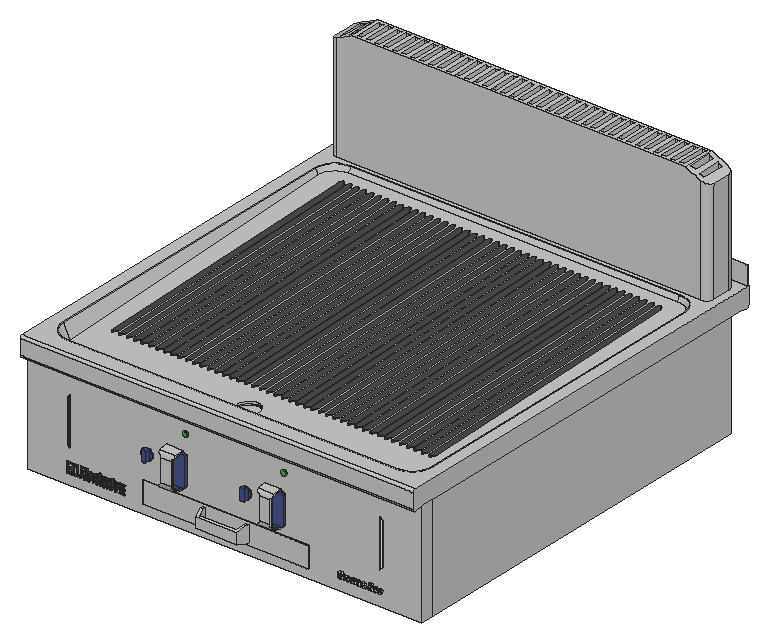
Revit family "QF_ELECTROLUXPROFESSIONAL_588537_MBHNBBHOPO", category Attrezzature speciali, Revit 2020
Family settings
  Quota connettore circolare = Usa diametro
  Tipo di parte = Normale
  Basato su piano di lavoro = No
  Sempre verticale = Sì
  Taglio con vuoti quando caricato = No
  Condiviso = No
  Punto di calcolo locali = No
Parameters (values of type "Standard")
  Weight = 120.00 kg
  Watts = 0 W
  Volts = 0 V
  URL Manufacturer = "https://www.electroluxprofessional.com/"
  URL = "https://www.electroluxprofessional.com/"
  Steam Supply Size = 0"
  Steam Supply Minimum Pressure = 0.00 psi
  Steam Supply Maximum Pressure = 0.00 psi
  Steam Consumption per Hour = 0
  Refrigeration Suction Line Size = 0 mm
  Refrigeration Liquid Line Size = 0 mm
  Refrigerant Compressor Remote = yes
  Prospetto di default = 0 mm
  Phase = 0
  Modello = "MBHNBBHOPO"
  Produttore = "Electrolux Professional"
  Length Actual = 800 mm  # constant formula
  Item Number = "588537"
  Hot Water Size = 0"
  Height Actual = 250 mm  # constant formula
  HP = "0 HP"
  Gas Size = 1/2"
  Gas KW = 20
  Gas Input Pressure = 0.672036 Btu/h
  Direct Waste Size = 0"
  Descrizione = "GAS FRYTOP,RIBBED,1-S,BSPL,800X850X250H"
  Depth Actual = 850 mm  # constant formula
  Cycle = 0 Hz
  Condensate Return Size = 0"
  Compressed Air Volume = 0 GPM
  Compressed Air Size = 0"
  Compressed Air Pressure = 0.00 psi
  Cold Water Size = 0"
  Accessory = yes
Reference planes
  plane 1 "BACK": y = 0
  plane 2: z = 0
  plane 3 "LEFT": x = 0
  plane 4 "RIGHT": x = 800
  plane 5 "FRONT": y = -850
  plane 6 "TOP": z = 900
  plane 7 "Center (Left/Right)": x = 400
  plane 8: y = -425
  plane 9: y = -150
  plane 10: y = -65
  plane 11: y = -813
  plane 12 "GasY": y = -540
  plane 13: z = 938
  plane 14 "BaseTop": z = 650
  plane 15: y = -805
  plane 16 "Camino": y = -50
  plane 17: z = 1131
  plane 18 "GASx": x = 764
  plane 19 "PlaneRibbed": through (-6096, -91.999, 890) normal (0, -0.0262, 0.9997)
Forms (mm)
  Extrusion 1, solid, material "QF_Finishes_Stainless Steel"
    sketch origin (-178.969, -4572, 100) x (-1, 0, 0) y (0, -1, 0)
      loop
        line (-178.969, -4527) -> (-178.969, -3767) -> (-978.969, -3767) -> (-978.969, -4527) -> (-178.969, -4527)
    from 550 to 762.969
  Extrusion 2, solid, material "QF_Finishes_Stainless Steel"
    sketch origin (400, 296.4, 1219.2) x (0, 1, 0) y (0, 0, 1)
      loop
        line (-296.4, -319.2) -> (-1141.4, -319.2)
        arc (-1141.4, -319.2) -> (-1144.935, -320.664) -> (-1146.4, -324.2) r 5
        line (-1146.4, -324.2) -> (-1146.4, -355.2)
        arc (-1146.4, -355.2) -> (-1144.971, -358.264) -> (-1141.705, -359.139) r 4
        line (-1141.705, -359.139) -> (-1126.4, -356.231) -> (-316.4, -356.231) -> (-301.094, -359.139)
        arc (-301.094, -359.139) -> (-297.829, -358.264) -> (-296.4, -355.2) r 4
        line (-296.4, -355.2) -> (-296.4, -319.2)
    from -400 to 400
  Extrusion 3, void
    sketch origin (0, 0, 900) x (-1, 0, 0) y (0, -1, 0)
      loop
        arc (-65, 92) -> (-36.716, 103.716) -> (-25, 132) r 40
        line (-25, 132) -> (-25, 773)
        arc (-25, 773) -> (-36.716, 801.284) -> (-65, 813) r 40
        line (-65, 813) -> (-735, 813)
        arc (-735, 813) -> (-763.284, 801.284) -> (-775, 773) r 40
        line (-775, 773) -> (-775, 132)
        arc (-775, 132) -> (-763.284, 103.716) -> (-735, 92) r 40
        line (-735, 92) -> (-65, 92)
    from 0 to -30
  Extrusion 4, solid, material "QF_Finishes_Stainless Steel"
    sketch origin (400, 296.4, 1219.2) x (0, 1, 0) y (0, 0, 1)
      loop
        line (-296.4, -319.2) -> (-296.4, -281.2) -> (-298.4, -281.2) -> (-298.4, -319.2) -> (-296.4, -319.2)
    from 400 to -400
  Extrusion 5, solid, material "QF_Finishes_Stainless Steel"
    sketch origin (9, 0, 650) x (-1, 0, 0) y (0, -1, 0)
      loop
        circle (-755, 540) r 10.1
    from 0 to -10
  Sweep 6, solid, material "QF_Finishes_Stainless Steel"
    path origin (0, 0, 900) x (-1, 0, 0) y (0, -1, 0)
      loop
        line (-25, 132) -> (-25, 773)
        arc (-25, 773) -> (-36.716, 801.284) -> (-65, 813) r 40
        line (-65, 813) -> (-735, 813)
        arc (-735, 813) -> (-763.284, 801.284) -> (-775, 773) r 40
        line (-775, 773) -> (-775, 132)
        arc (-775, 132) -> (-763.284, 103.716) -> (-735, 92) r 40
        line (-735, 92) -> (-65, 92)
        arc (-65, 92) -> (-36.716, 103.716) -> (-25, 132) r 40
    profile origin (25, -452.5, 900) x (1, 0, 0) y (0, 0, 1)
      loop
        line (0, 0) -> (0, -30) -> (15, -30) -> (0, 0)
  Extrusion 7, void
    sketch origin (305.009, 0, 900) x (-1, 0, 0) y (0, -1, 0)
      loop
        circle (-94.991, 769) r 22.248
    from -32.282 to -6.62
  Extrusion 8, solid, material "QF_Finishes_Stainless Steel"
    sketch origin (0, -50, 900) x (1, 0, 0) y (0, 0, 1)
      loop
        line (15, 0) -> (785, 0) -> (785, 209.869) -> (739.685, 231) -> (60.315, 231) -> (15, 209.869) -> (15, 0)
    from 33 to -33
  Extrusion 9, void
    sketch origin (0, 0, 900) x (-1, 0, 0) y (0, -1, 0)
      loop
        line (-15, 83) -> (-30, 83)
        arc (-30, 83) -> (-19.393, 78.607) -> (-15, 68) r 15
        line (-15, 68) -> (-15, 83)
      loop
        line (-15, 17) -> (-15, 32)
        arc (-15, 32) -> (-19.393, 21.393) -> (-30, 17) r 15
        line (-30, 17) -> (-15, 17)
      loop
        line (-785, 83) -> (-785, 68)
        arc (-785, 68) -> (-780.607, 78.607) -> (-770, 83) r 15
        line (-770, 83) -> (-785, 83)
      loop
        line (-785, 17) -> (-770, 17)
        arc (-770, 17) -> (-780.607, 21.393) -> (-785, 32) r 15
        line (-785, 32) -> (-785, 17)
      loop
        line (-413.234, 23) -> (-413.234, 77) -> (-423.234, 77) -> (-423.234, 23) -> (-413.234, 23)
      loop
        line (-395, 23) -> (-395, 77) -> (-405, 77) -> (-405, 23) -> (-395, 23)
      loop
        line (-431.469, 23) -> (-431.469, 77) -> (-441.469, 77) -> (-441.469, 23) -> (-431.469, 23)
      loop
        line (-449.703, 23) -> (-449.703, 77) -> (-459.703, 77) -> (-459.703, 23) -> (-449.703, 23)
      loop
        line (-467.938, 23) -> (-467.938, 77) -> (-477.938, 77) -> (-477.938, 23) -> (-467.938, 23)
      loop
        line (-486.172, 23) -> (-486.172, 77) -> (-496.172, 77) -> (-496.172, 23) -> (-486.172, 23)
      loop
        line (-504.406, 23) -> (-504.406, 77) -> (-514.406, 77) -> (-514.406, 23) -> (-504.406, 23)
      loop
        line (-522.641, 23) -> (-522.641, 77) -> (-532.641, 77) -> (-532.641, 23) -> (-522.641, 23)
      loop
        line (-540.875, 23) -> (-540.875, 77) -> (-550.875, 77) -> (-550.875, 23) -> (-540.875, 23)
      loop
        line (-559.109, 23) -> (-559.109, 77) -> (-569.109, 77) -> (-569.109, 23) -> (-559.109, 23)
      loop
        line (-577.344, 23) -> (-577.344, 77) -> (-587.344, 77) -> (-587.344, 23) -> (-577.344, 23)
      loop
        line (-595.578, 23) -> (-595.578, 77) -> (-605.578, 77) -> (-605.578, 23) -> (-595.578, 23)
      loop
        line (-613.813, 23) -> (-613.813, 77) -> (-623.813, 77) -> (-623.813, 23) -> (-613.813, 23)
      loop
        line (-632.047, 23) -> (-632.047, 77) -> (-642.047, 77) -> (-642.047, 23) -> (-632.047, 23)
      loop
        line (-650.281, 23) -> (-650.281, 77) -> (-660.281, 77) -> (-660.281, 23) -> (-650.281, 23)
      loop
        line (-668.516, 23) -> (-668.516, 77) -> (-678.516, 77) -> (-678.516, 23) -> (-668.516, 23)
      loop
        line (-686.75, 23) -> (-686.75, 77) -> (-696.75, 77) -> (-696.75, 23) -> (-686.75, 23)
      loop
        line (-704.985, 23) -> (-704.985, 77) -> (-714.985, 77) -> (-714.985, 23) -> (-704.985, 23)
      loop
        line (-723.219, 23) -> (-723.219, 77) -> (-733.219, 77) -> (-733.219, 23) -> (-723.219, 23)
      loop
        line (-741.453, 26) -> (-741.453, 74) -> (-751.453, 74) -> (-751.453, 26) -> (-741.453, 26)
      loop
        line (-759.688, 26) -> (-759.688, 74) -> (-769.688, 74) -> (-769.688, 26) -> (-759.688, 26)
      loop
        line (-386.766, 23) -> (-376.766, 23) -> (-376.766, 77) -> (-386.766, 77) -> (-386.766, 23)
      loop
        line (-368.531, 23) -> (-358.531, 23) -> (-358.531, 77) -> (-368.531, 77) -> (-368.531, 23)
      loop
        line (-350.297, 23) -> (-340.297, 23) -> (-340.297, 77) -> (-350.297, 77) -> (-350.297, 23)
      loop
        line (-332.062, 23) -> (-322.062, 23) -> (-322.062, 77) -> (-332.062, 77) -> (-332.062, 23)
      loop
        line (-313.828, 23) -> (-303.828, 23) -> (-303.828, 77) -> (-313.828, 77) -> (-313.828, 23)
      loop
        line (-295.594, 23) -> (-285.594, 23) -> (-285.594, 77) -> (-295.594, 77) -> (-295.594, 23)
      loop
        line (-277.359, 23) -> (-267.359, 23) -> (-267.359, 77) -> (-277.359, 77) -> (-277.359, 23)
      loop
        line (-259.125, 23) -> (-249.125, 23) -> (-249.125, 77) -> (-259.125, 77) -> (-259.125, 23)
      loop
        line (-240.891, 23) -> (-230.891, 23) -> (-230.891, 77) -> (-240.891, 77) -> (-240.891, 23)
      loop
        line (-222.656, 23) -> (-212.656, 23) -> (-212.656, 77) -> (-222.656, 77) -> (-222.656, 23)
      loop
        line (-204.422, 23) -> (-194.422, 23) -> (-194.422, 77) -> (-204.422, 77) -> (-204.422, 23)
      loop
        line (-186.187, 23) -> (-176.187, 23) -> (-176.187, 77) -> (-186.187, 77) -> (-186.187, 23)
      loop
        line (-167.953, 23) -> (-157.953, 23) -> (-157.953, 77) -> (-167.953, 77) -> (-167.953, 23)
      loop
        line (-149.719, 23) -> (-139.719, 23) -> (-139.719, 77) -> (-149.719, 77) -> (-149.719, 23)
      loop
        line (-131.484, 23) -> (-121.484, 23) -> (-121.484, 77) -> (-131.484, 77) -> (-131.484, 23)
      loop
        line (-113.25, 23) -> (-103.25, 23) -> (-103.25, 77) -> (-113.25, 77) -> (-113.25, 23)
      loop
        line (-95.015, 23) -> (-85.015, 23) -> (-85.015, 77) -> (-95.015, 77) -> (-95.015, 23)
      loop
        line (-76.781, 23) -> (-66.781, 23) -> (-66.781, 77) -> (-76.781, 77) -> (-76.781, 23)
      loop
        line (-58.547, 26) -> (-48.547, 26) -> (-48.547, 74) -> (-58.547, 74) -> (-58.547, 26)
      loop
        line (-40.312, 26) -> (-30.312, 26) -> (-30.312, 74) -> (-40.312, 74) -> (-40.312, 26)
    from 231 to 0
  Extrusion 10, solid, material "QF_Finishes_Stainless Steel"
    sketch origin (400, 296.4, 1219.2) x (0, 1, 0) y (0, 0, 1)
      loop
        line (-1109.4, -349.2) -> (-388.4, -349.2) -> (-388.4, -329.2) -> (-1109.4, -347.5) -> (-1109.4, -349.2)
    from -375 to 375
  Extrusion 11, void
    sketch origin (305.009, 0, 900) x (-1, 0, 0) y (0, -1, 0)
      loop
        circle (-94.991, 769) r 22.248
    from -32.282 to -6.62
Cuts and joins
  Extrusion 3, Extrusion 7, Extrusion 9, Extrusion 11 cuts Extrusion 2
  Extrusion 9 cuts Extrusion 8
  Extrusion 11 cuts Sweep 6
  Extrusion 11 cuts Extrusion 10
  joined: Sweep 6, Extrusion 10
Lines and regions (mm)
  symbolic lines
    curve 1: line (0, 0, 100) -> (800, 0, 100)
    curve 2: line (0, -850, 100) -> (0, 0, 100)
    curve 3: line (800, -850, 100) -> (0, -850, 100)
    curve 4: line (800, 0, 100) -> (800, -850, 100)
    curve 5: line (0, -2, 0) -> (800, -2, 0)
    curve 6: line (734.029, -92, 0) -> (65.29, -92, 0)
    curve 7: line (65.29, -813, 0) -> (734.029, -813, 0)
    curve 8: line (65, -107, 900) -> (735, -107, 900)
    curve 9: line (735, -798, 900) -> (65, -798, 900)
    curve 10: arc (760, -773, 900) -> (752.678, -790.678, 900) -> (735, -798, 900) r 25
    curve 11: line (760, -132, 900) -> (760, -773, 900)
    curve 12: arc (735, -107, 900) -> (752.678, -114.322, 900) -> (760, -132, 900) r 25
    curve 13: circle (400, -769, 900) r 22.248 normal (0, 0, 1)
    curve 14: arc (90.5, -112.483, 900) -> (62.314, -124.096, 900) -> (50.5, -152.198, 900) r 39.994
    curve 15: line (90.5, -112.482, 900) -> (710.5, -112.482, 900)
    curve 16: line (50.5, -686.082, 900) -> (50.5, -152.198, 900)
    curve 17: arc (50.5, -686.082, 900) -> (62.314, -714.184, 900) -> (90.5, -725.797, 900) r 39.994
    curve 18: line (710.5, -725.798, 900) -> (90.5, -725.798, 900)
    curve 19: line (40.29, -731.526, 900) -> (760, -731.526, 900)
    curve 20: line (40.29, -741.526, 900) -> (760, -741.526, 900)
    curve 21: arc (65, -92, 900) -> (36.716, -103.716, 900) -> (25, -132, 900) r 40
    curve 22: line (25, -132, 900) -> (25, -773, 900)
    curve 23: arc (25, -773, 900) -> (36.716, -801.284, 900) -> (65, -813, 900) r 40
    curve 24: arc (735, -813, 900) -> (763.284, -801.284, 900) -> (775, -773, 900) r 40
    curve 25: line (775, -773, 900) -> (775, -132, 900)
    curve 26: arc (775, -132, 900) -> (763.284, -103.716, 900) -> (735, -92, 900) r 40
    curve 27: arc (709.5, -112.483, 900) -> (737.686, -124.096, 900) -> (749.5, -152.198, 900) r 39.994
    curve 28: line (749.5, -686.082, 900) -> (749.5, -152.198, 900)
    curve 29: arc (749.5, -686.082, 900) -> (737.686, -714.184, 900) -> (709.5, -725.797, 900) r 39.994
    curve 30: arc (65, -798, 900) -> (47.322, -790.678, 900) -> (40, -773, 900) r 25
    curve 31: line (40, -773, 900) -> (40, -132, 900)
    curve 32: arc (40, -132, 900) -> (47.322, -114.322, 900) -> (65, -107, 900) r 25
    curve 33: line (30, -83, 650) -> (770, -83, 650)
    curve 34: line (770, -17, 650) -> (30, -17, 650)
    curve 35: arc (15, -32, 650) -> (19.393, -21.393, 650) -> (30, -17, 650) r 15
    curve 36: line (15, -32, 650) -> (15, -68, 650)
    curve 37: arc (30, -83, 650) -> (19.393, -78.607, 650) -> (15, -68, 650) r 15
    curve 38: arc (785, -68, 650) -> (780.607, -78.607, 650) -> (770, -83, 650) r 15
    curve 39: line (785, -68, 650) -> (785, -32, 650)
    curve 40: arc (770, -17, 650) -> (780.607, -21.393, 650) -> (785, -32, 650) r 15
    curve 41: line (30.312, -26, 650) -> (30.312, -74, 650)
    curve 42: line (40.312, -26, 650) -> (30.312, -26, 650)
    curve 43: line (30.312, -74, 650) -> (40.312, -74, 650)
    curve 44: line (40.312, -74, 650) -> (40.312, -26, 650)
    curve 45: line (48.547, -74, 650) -> (58.547, -74, 650)
    curve 46: line (48.547, -26, 650) -> (48.547, -74, 650)
    curve 47: line (58.547, -26, 650) -> (48.547, -26, 650)
    curve 48: line (58.547, -74, 650) -> (58.547, -26, 650)
    curve 49: line (66.781, -23, 650) -> (66.781, -77, 650)
    curve 50: line (66.781, -23, 650) -> (76.781, -23, 650)
    curve 51: line (76.781, -23, 650) -> (76.781, -77, 650)
    curve 52: line (76.781, -77, 650) -> (66.781, -77, 650)
    curve 53: line (85.015, -23, 650) -> (85.015, -77, 650)
    curve 54: line (85.015, -23, 650) -> (95.015, -23, 650)
    curve 55: line (95.015, -23, 650) -> (95.015, -77, 650)
    curve 56: line (95.015, -77, 650) -> (85.015, -77, 650)
    curve 57: line (103.25, -23, 650) -> (103.25, -77, 650)
    curve 58: line (103.25, -23, 650) -> (113.25, -23, 650)
    curve 59: line (113.25, -23, 650) -> (113.25, -77, 650)
    curve 60: line (113.25, -77, 650) -> (103.25, -77, 650)
    curve 61: line (121.484, -23, 650) -> (121.484, -77, 650)
    curve 62: line (121.484, -23, 650) -> (131.484, -23, 650)
    curve 63: line (131.484, -23, 650) -> (131.484, -77, 650)
    curve 64: line (131.484, -77, 650) -> (121.484, -77, 650)
    curve 65: line (139.719, -23, 650) -> (139.719, -77, 650)
    curve 66: line (139.719, -23, 650) -> (149.719, -23, 650)
    curve 67: line (149.719, -23, 650) -> (149.719, -77, 650)
    curve 68: line (149.719, -77, 650) -> (139.719, -77, 650)
    curve 69: line (157.953, -23, 650) -> (157.953, -77, 650)
    curve 70: line (157.953, -23, 650) -> (167.953, -23, 650)
    curve 71: line (167.953, -23, 650) -> (167.953, -77, 650)
    curve 72: line (167.953, -77, 650) -> (157.953, -77, 650)
    curve 73: line (176.187, -23, 650) -> (176.187, -77, 650)
    curve 74: line (176.187, -23, 650) -> (186.187, -23, 650)
    curve 75: line (186.187, -23, 650) -> (186.187, -77, 650)
    curve 76: line (186.187, -77, 650) -> (176.187, -77, 650)
    curve 77: line (194.422, -23, 650) -> (194.422, -77, 650)
    curve 78: line (194.422, -23, 650) -> (204.422, -23, 650)
    curve 79: line (204.422, -23, 650) -> (204.422, -77, 650)
    curve 80: line (204.422, -77, 650) -> (194.422, -77, 650)
    curve 81: line (212.656, -23, 650) -> (212.656, -77, 650)
    curve 82: line (212.656, -23, 650) -> (222.656, -23, 650)
    curve 83: line (222.656, -23, 650) -> (222.656, -77, 650)
    curve 84: line (222.656, -77, 650) -> (212.656, -77, 650)
    curve 85: line (230.891, -23, 650) -> (230.891, -77, 650)
    curve 86: line (230.891, -23, 650) -> (240.891, -23, 650)
    curve 87: line (240.891, -23, 650) -> (240.891, -77, 650)
    curve 88: line (240.891, -77, 650) -> (230.891, -77, 650)
    curve 89: line (249.125, -23, 650) -> (249.125, -77, 650)
    curve 90: line (249.125, -23, 650) -> (259.125, -23, 650)
    curve 91: line (259.125, -23, 650) -> (259.125, -77, 650)
    curve 92: line (259.125, -77, 650) -> (249.125, -77, 650)
    curve 93: line (267.359, -23, 650) -> (267.359, -77, 650)
    curve 94: line (267.359, -23, 650) -> (277.359, -23, 650)
    curve 95: line (277.359, -23, 650) -> (277.359, -77, 650)
    curve 96: line (277.359, -77, 650) -> (267.359, -77, 650)
    curve 97: line (285.594, -23, 650) -> (285.594, -77, 650)
    curve 98: line (285.594, -23, 650) -> (295.594, -23, 650)
    curve 99: line (295.594, -23, 650) -> (295.594, -77, 650)
    curve 100: line (295.594, -77, 650) -> (285.594, -77, 650)
    curve 101: line (303.828, -23, 650) -> (303.828, -77, 650)
    curve 102: line (303.828, -23, 650) -> (313.828, -23, 650)
    curve 103: line (313.828, -23, 650) -> (313.828, -77, 650)
    curve 104: line (313.828, -77, 650) -> (303.828, -77, 650)
    curve 105: line (322.062, -23, 650) -> (322.062, -77, 650)
    curve 106: line (322.062, -23, 650) -> (332.062, -23, 650)
    curve 107: line (332.062, -23, 650) -> (332.062, -77, 650)
    curve 108: line (332.062, -77, 650) -> (322.062, -77, 650)
    curve 109: line (340.297, -23, 650) -> (340.297, -77, 650)
    curve 110: line (340.297, -23, 650) -> (350.297, -23, 650)
    curve 111: line (350.297, -23, 650) -> (350.297, -77, 650)
    curve 112: line (350.297, -77, 650) -> (340.297, -77, 650)
    curve 113: line (358.531, -23, 650) -> (358.531, -77, 650)
    curve 114: line (358.531, -23, 650) -> (368.531, -23, 650)
    curve 115: line (368.531, -23, 650) -> (368.531, -77, 650)
    curve 116: line (368.531, -77, 650) -> (358.531, -77, 650)
    curve 117: line (376.766, -23, 650) -> (376.766, -77, 650)
    curve 118: line (376.766, -23, 650) -> (386.766, -23, 650)
    curve 119: line (386.766, -23, 650) -> (386.766, -77, 650)
    curve 120: line (386.766, -77, 650) -> (376.766, -77, 650)
    curve 121: line (395, -23, 650) -> (395, -77, 650)
    curve 122: line (395, -23, 650) -> (405, -23, 650)
    curve 123: line (405, -23, 650) -> (405, -77, 650)
    curve 124: line (405, -77, 650) -> (395, -77, 650)
    curve 125: line (413.234, -23, 650) -> (413.234, -77, 650)
    curve 126: line (413.234, -23, 650) -> (423.234, -23, 650)
    curve 127: line (423.234, -23, 650) -> (423.234, -77, 650)
    curve 128: line (423.234, -77, 650) -> (413.234, -77, 650)
    curve 129: line (431.469, -23, 650) -> (431.469, -77, 650)
    curve 130: line (431.469, -23, 650) -> (441.469, -23, 650)
    curve 131: line (441.469, -23, 650) -> (441.469, -77, 650)
    curve 132: line (441.469, -77, 650) -> (431.469, -77, 650)
    curve 133: line (449.703, -23, 650) -> (449.703, -77, 650)
    curve 134: line (449.703, -23, 650) -> (459.703, -23, 650)
    curve 135: line (459.703, -23, 650) -> (459.703, -77, 650)
    curve 136: line (459.703, -77, 650) -> (449.703, -77, 650)
    curve 137: line (467.938, -23, 650) -> (467.938, -77, 650)
    curve 138: line (467.938, -23, 650) -> (477.938, -23, 650)
    curve 139: line (477.938, -23, 650) -> (477.938, -77, 650)
    curve 140: line (477.938, -77, 650) -> (467.938, -77, 650)
    curve 141: line (486.172, -23, 650) -> (486.172, -77, 650)
    curve 142: line (486.172, -23, 650) -> (496.172, -23, 650)
    curve 143: line (496.172, -23, 650) -> (496.172, -77, 650)
    curve 144: line (496.172, -77, 650) -> (486.172, -77, 650)
    curve 145: line (504.406, -23, 650) -> (504.406, -77, 650)
    curve 146: line (504.406, -23, 650) -> (514.406, -23, 650)
    curve 147: line (514.406, -23, 650) -> (514.406, -77, 650)
    curve 148: line (514.406, -77, 650) -> (504.406, -77, 650)
    curve 149: line (522.641, -23, 650) -> (522.641, -77, 650)
    curve 150: line (522.641, -23, 650) -> (532.641, -23, 650)
    curve 151: line (532.641, -23, 650) -> (532.641, -77, 650)
    curve 152: line (532.641, -77, 650) -> (522.641, -77, 650)
    curve 153: line (540.875, -23, 650) -> (540.875, -77, 650)
    curve 154: line (540.875, -23, 650) -> (550.875, -23, 650)
    curve 155: line (550.875, -23, 650) -> (550.875, -77, 650)
    curve 156: line (550.875, -77, 650) -> (540.875, -77, 650)
    curve 157: line (559.109, -23, 650) -> (559.109, -77, 650)
    curve 158: line (559.109, -23, 650) -> (569.109, -23, 650)
    curve 159: line (569.109, -23, 650) -> (569.109, -77, 650)
    curve 160: line (569.109, -77, 650) -> (559.109, -77, 650)
    curve 161: line (577.344, -23, 650) -> (577.344, -77, 650)
    curve 162: line (577.344, -23, 650) -> (587.344, -23, 650)
    curve 163: line (587.344, -23, 650) -> (587.344, -77, 650)
    curve 164: line (587.344, -77, 650) -> (577.344, -77, 650)
    curve 165: line (595.578, -23, 650) -> (595.578, -77, 650)
    curve 166: line (595.578, -23, 650) -> (605.578, -23, 650)
    curve 167: line (605.578, -23, 650) -> (605.578, -77, 650)
    curve 168: line (605.578, -77, 650) -> (595.578, -77, 650)
    curve 169: line (613.813, -23, 650) -> (613.813, -77, 650)
    curve 170: line (613.813, -23, 650) -> (623.813, -23, 650)
    curve 171: line (623.813, -23, 650) -> (623.813, -77, 650)
    curve 172: line (623.813, -77, 650) -> (613.813, -77, 650)
    curve 173: line (632.047, -23, 650) -> (632.047, -77, 650)
    curve 174: line (632.047, -23, 650) -> (642.047, -23, 650)
    curve 175: line (642.047, -23, 650) -> (642.047, -77, 650)
    curve 176: line (642.047, -77, 650) -> (632.047, -77, 650)
    curve 177: line (650.281, -23, 650) -> (650.281, -77, 650)
    curve 178: line (650.281, -23, 650) -> (660.281, -23, 650)
    curve 179: line (660.281, -23, 650) -> (660.281, -77, 650)
    curve 180: line (660.281, -77, 650) -> (650.281, -77, 650)
    curve 181: line (668.516, -23, 650) -> (668.516, -77, 650)
    curve 182: line (668.516, -23, 650) -> (678.516, -23, 650)
    curve 183: line (678.516, -23, 650) -> (678.516, -77, 650)
    curve 184: line (678.516, -77, 650) -> (668.516, -77, 650)
    curve 185: line (686.75, -23, 650) -> (686.75, -77, 650)
    curve 186: line (686.75, -23, 650) -> (696.75, -23, 650)
    curve 187: line (696.75, -23, 650) -> (696.75, -77, 650)
    curve 188: line (696.75, -77, 650) -> (686.75, -77, 650)
    curve 189: line (704.985, -23, 650) -> (704.985, -77, 650)
    curve 190: line (704.985, -23, 650) -> (714.985, -23, 650)
    curve 191: line (714.985, -23, 650) -> (714.985, -77, 650)
    curve 192: line (714.985, -77, 650) -> (704.985, -77, 650)
    curve 193: line (723.219, -23, 650) -> (723.219, -77, 650)
    curve 194: line (723.219, -23, 650) -> (733.219, -23, 650)
    curve 195: line (733.219, -23, 650) -> (733.219, -77, 650)
    curve 196: line (733.219, -77, 650) -> (723.219, -77, 650)
    curve 197: line (741.453, -26, 650) -> (741.453, -74, 650)
    curve 198: line (741.453, -26, 650) -> (751.453, -26, 650)
    curve 199: line (751.453, -26, 650) -> (751.453, -74, 650)
    curve 200: line (751.453, -74, 650) -> (741.453, -74, 650)
    curve 201: line (759.688, -26, 650) -> (759.688, -74, 650)
    curve 202: line (759.688, -26, 650) -> (769.688, -26, 650)
    curve 203: line (769.688, -26, 650) -> (769.688, -74, 650)
    curve 204: line (769.688, -74, 650) -> (759.688, -74, 650)
Dimensions and locks
  plane 3 "LEFT" to plane 4 "RIGHT" = 800 mm
  locked: plane 5 "FRONT" to plane 1 "BACK" at 850
  plane 3 "LEFT" to plane 7 "Center (Left/Right)" to plane 4 "RIGHT" = 400 mm, 400 mm
  equal spacing: plane 5 "FRONT", plane 8, plane 1 "BACK"
  plane 6 "TOP" to level = 900 mm  (x2)
  plane 1 "BACK" to plane 9 = 150 mm
  plane 12 "GasY" to plane 1 "BACK" = 540 mm
  plane 13 to plane 6 "TOP" = 38 mm
  plane 10 to plane 1 "BACK" = 65 mm
  plane 5 "FRONT" to plane 11 = 37 mm
  locked: plane 6 "TOP" to plane 14 "BaseTop" at 250
  locked: plane 15 to plane 5 "FRONT" at 45
  plane 16 "Camino" to plane 1 "BACK" = 50 mm
  plane 17 to plane 6 "TOP" = 231 mm
  plane 18 "GASx" to plane 4 "RIGHT" = 36 mm
  aligned and locked: level to plane 2
  aligned and locked: cut or joined group of Extrusion 2, Extrusion 3, Extrusion 7, Extrusion 9, Extrusion 11 to plane 3 "LEFT"
  aligned and locked: cut or joined group of Extrusion 2, Extrusion 3, Extrusion 7, Extrusion 9, Extrusion 11 to plane 4 "RIGHT"
  aligned and locked: nested 1 to plane 15
  aligned and locked: Extrusion 1 to plane 15
  aligned and locked: Extrusion 4 to plane 3 "LEFT"
  aligned and locked: Extrusion 4 to plane 4 "RIGHT"
  aligned and locked: plane 3 "LEFT" to nested 1
Automatic sketch dimensions
  curve 5 to plane 3 "LEFT" = 0 mm
  plane 11 to curve 7 = 0 mm
  curve 5 to plane 4 "RIGHT" = 0 mm
  plane 10 to curve 6 = 27 mm
  plane 3 "LEFT" to curve 6 = 65.29 mm
  plane 3 "LEFT" to curve 7 = 65.29 mm
  plane 18 "GASx" to curve 6 = 29.971 mm
  plane 18 "GASx" to curve 7 = 29.971 mm
  plane 1 "BACK" to curve 5 = 2 mm
  Extrusion 1 sketch curve to plane 4 "RIGHT" = 0 mm
  Extrusion 1 sketch curve to plane 3 "LEFT" = 0 mm
  Extrusion 1 sketch curve to plane 15 = 0 mm
  Extrusion 1 sketch curve to plane 16 "Camino" = 5 mm
  plane 1 "BACK" to curve 1 = 0 mm
  curve 1 to plane 4 "RIGHT" = 0 mm
  curve 3 to plane 3 "LEFT" = 0 mm
  plane 5 "FRONT" to curve 3 = 0 mm
  Extrusion 2 sketch curve to plane 5 "FRONT" = 0 mm
  Extrusion 2 sketch curve to plane 6 "TOP" = 0 mm
  Extrusion 2 sketch curve to plane 1 "BACK" = 0 mm
  Extrusion 2 sketch curve to Extrusion 2 sketch curve = 4 mm
  Extrusion 2 sketch curve to Extrusion 2 sketch curve = 0.695 mm
  Extrusion 2 sketch curve to plane 5 "FRONT" = 5 mm
  Extrusion 2 sketch curve to Extrusion 2 sketch curve = 15.305 mm
  plane 1 "BACK" to Extrusion 2 sketch curve = 20 mm
  plane 1 "BACK" to Extrusion 2 sketch curve = 4.695 mm
  plane 1 "BACK" to Extrusion 2 sketch curve = 4 mm
  Extrusion 2 sketch curve to Extrusion 2 sketch curve = 31 mm
  Extrusion 2 sketch curve to Extrusion 2 sketch curve = 36 mm
  Extrusion 2 sketch curve to Extrusion 2 sketch curve = 2.909 mm
  plane 11 to Extrusion 3 sketch curve = 0 mm
  Extrusion 3 sketch curve to plane 18 "GASx" = 11 mm
  plane 18 "GASx" to Extrusion 3 sketch curve = 29 mm  (x2)
  plane 3 "LEFT" to Extrusion 3 sketch curve = 65 mm  (x2)
  plane 9 to Extrusion 3 sketch curve = 18 mm
  plane 3 "LEFT" to Extrusion 3 sketch curve = 25 mm
  curve 10 to curve 24 = 0 mm  (x2)
  curve 12 to curve 26 = 0 mm  (x2)
  curve 21 to curve 32 = 0 mm  (x2)
  curve 23 to curve 30 = 0 mm  (x2)
  plane 11 to curve 24 = 0 mm
  curve 13 to plane 7 "Center (Left/Right)" = 0 mm
  plane 11 to curve 23 = 0 mm
  curve 29 to plane 12 "GasY" = 145.803 mm
  plane 18 "GASx" to curve 29 = 54.493 mm
  curve 27 to plane 9 = 2.477 mm
  plane 18 "GASx" to curve 27 = 54.493 mm
  plane 9 to curve 12 = 18 mm
  plane 18 "GASx" to curve 12 = 29 mm
  plane 18 "GASx" to curve 24 = 29 mm
  curve 28 to plane 9 = 2.198 mm
  plane 18 "GASx" to curve 28 = 14.5 mm
  plane 18 "GASx" to curve 11 = 4 mm
  curve 25 to plane 18 "GASx" = 11 mm
  curve 17 to plane 12 "GasY" = 145.803 mm
  plane 3 "LEFT" to curve 17 = 90.493 mm
  curve 14 to plane 9 = 2.477 mm
  plane 3 "LEFT" to curve 14 = 90.493 mm
  curve 14 to curve 21 = 25.493 mm
  curve 23 to plane 11 = 40 mm
  plane 3 "LEFT" to curve 23 = 65 mm
  curve 17 to curve 16 = 39.993 mm
  curve 16 to plane 9 = 2.198 mm
  curve 16 to plane 12 "GasY" = 146.082 mm
  curve 28 to plane 12 "GasY" = 146.082 mm
  curve 13 to plane 11 = 44 mm
  curve 8 to curve 27 = 25.5 mm
  curve 29 to curve 29 = 0.007 mm
  curve 15 to curve 27 = 1 mm
  curve 18 to curve 29 = 1 mm
  curve 18 to curve 17 = 0.007 mm
  curve 15 to curve 8 = 25.5 mm
  curve 15 to curve 14 = 0 mm
  curve 18 to curve 17 = 0 mm
  curve 20 to curve 30 = 0.29 mm
  curve 19 to curve 20 = 0 mm
  curve 15 to curve 14 = 0.001 mm
  curve 29 to curve 18 = 0.001 mm
  curve 19 to curve 30 = 41.474 mm
  curve 19 to curve 20 = 10 mm
  Extrusion 4 sketch curve to plane 6 "TOP" = 0 mm
  Extrusion 4 sketch curve to plane 13 = 0 mm
  Extrusion 4 sketch curve to plane 1 "BACK" = 0 mm
  Extrusion 4 sketch curve to Extrusion 4 sketch curve = 2 mm
  Extrusion 5 sketch curve to plane 12 "GasY" = 0 mm
  Extrusion 5 sketch curve to plane 18 "GASx" = 0 mm
  plane 11 to Sweep 6 sketch curve = 0 mm
  Sweep 6 sketch curve to plane 18 "GASx" = 11 mm
  plane 18 "GASx" to Sweep 6 sketch curve = 29 mm  (x2)
  plane 3 "LEFT" to Sweep 6 sketch curve = 65 mm  (x2)
  plane 10 to Sweep 6 sketch curve = 27 mm
  plane 3 "LEFT" to Sweep 6 sketch curve = 25 mm
  profile plane to Sweep 6 sketch curve = 0 mm
  Sweep 6 sketch curve to plane 6 "TOP" = 0 mm
  Sweep 6 sketch curve to profile plane = 15 mm
  Sweep 6 sketch curve to plane 6 "TOP" = 30 mm
  Extrusion 7 sketch curve to plane 7 "Center (Left/Right)" = 0 mm
  Extrusion 7 sketch curve to plane 11 = 44 mm
  Extrusion 7 sketch curve to plane 7 "Center (Left/Right)" = 12.288 mm
  Extrusion 7 sketch curve to Extrusion 7 sketch curve = 0 mm
  Extrusion 7 sketch curve to Extrusion 7 sketch curve = 18.547 mm
  Extrusion 8 sketch curve to plane 6 "TOP" = 0 mm
  Extrusion 8 sketch curve to plane 17 = 0 mm
  plane 3 "LEFT" to Extrusion 8 sketch curve = 15 mm
  Extrusion 8 sketch curve to Extrusion 8 sketch curve = 45.315 mm
  plane 18 "GASx" to Extrusion 8 sketch curve = 24.315 mm
  plane 4 "RIGHT" to Extrusion 8 sketch curve = 15 mm
  Extrusion 8 sketch curve to plane 17 = 21.131 mm  (x2)
  plane 10 to Extrusion 9 sketch curve = 3 mm  (x2)
  plane 4 "RIGHT" to Extrusion 9 sketch curve = 15 mm  (x2)
  Extrusion 9 sketch curve to plane 18 "GASx" = 6 mm  (x2)
  Extrusion 9 sketch curve to plane 18 "GASx" = 5.688 mm
  plane 18 "GASx" to Extrusion 9 sketch curve = 4.312 mm
  Extrusion 9 sketch curve to Extrusion 9 sketch curve = 8.234 mm  (x39)
  Extrusion 9 sketch curve to Extrusion 9 sketch curve = 10 mm  (x39)
  plane 7 "Center (Left/Right)" to Extrusion 9 sketch curve = 5 mm
  Extrusion 9 sketch curve to plane 7 "Center (Left/Right)" = 5 mm
  Extrusion 9 sketch curve to Extrusion 9 sketch curve = 0.312 mm  (x2)
  Extrusion 9 sketch curve to Extrusion 9 sketch curve = 15 mm  (x2)
  Extrusion 9 sketch curve to plane 16 "Camino" = 18 mm  (x2)
  Extrusion 9 sketch curve to plane 16 "Camino" = 24 mm
  Extrusion 9 sketch curve to Extrusion 9 sketch curve = 6 mm  (x2)
  Extrusion 9 sketch curve to Extrusion 9 sketch curve = 0 mm  (x67)
  plane 1 "BACK" to Extrusion 9 sketch curve = 23 mm  (x2)
  Extrusion 9 sketch curve to Extrusion 9 sketch curve = 3 mm  (x3)
  plane 10 to Extrusion 9 sketch curve = 9 mm  (x3)
  plane 10 to Extrusion 9 sketch curve = 12 mm  (x4)
  plane 10 to curve 39 = 3 mm
  plane 4 "RIGHT" to curve 39 = 15 mm
  curve 34 to plane 18 "GASx" = 6 mm
  curve 33 to plane 18 "GASx" = 6 mm
  curve 203 to plane 18 "GASx" = 5.688 mm
  plane 18 "GASx" to curve 202 = 4.312 mm
  curve 201 to curve 198 = 8.234 mm
  curve 198 to curve 198 = 10 mm
  curve 197 to curve 194 = 8.234 mm
  curve 195 to curve 196 = 10 mm
  curve 193 to curve 192 = 8.234 mm
  curve 190 to curve 190 = 10 mm
  curve 189 to curve 186 = 8.234 mm
  curve 186 to curve 186 = 10 mm
  curve 185 to curve 182 = 8.234 mm
  curve 183 to curve 184 = 10 mm
  curve 181 to curve 180 = 8.234 mm
  curve 178 to curve 178 = 10 mm
  curve 177 to curve 174 = 8.234 mm
  curve 174 to curve 174 = 10 mm
  curve 173 to curve 170 = 8.234 mm
  curve 171 to curve 172 = 10 mm
  curve 169 to curve 168 = 8.234 mm
  curve 166 to curve 166 = 10 mm
  curve 165 to curve 162 = 8.234 mm
  curve 162 to curve 162 = 10 mm
  curve 161 to curve 158 = 8.234 mm
  curve 159 to curve 160 = 10 mm
  curve 157 to curve 156 = 8.234 mm
  curve 154 to curve 154 = 10 mm
  curve 153 to curve 150 = 8.234 mm
  curve 150 to curve 150 = 10 mm
  curve 149 to curve 146 = 8.234 mm
  curve 147 to curve 148 = 10 mm
  curve 145 to curve 144 = 8.234 mm
  curve 142 to curve 142 = 10 mm
  curve 141 to curve 138 = 8.234 mm
  curve 138 to curve 138 = 10 mm
  curve 137 to curve 134 = 8.234 mm
  curve 135 to curve 136 = 10 mm
  curve 133 to curve 132 = 8.234 mm
  curve 130 to curve 130 = 10 mm
  curve 129 to curve 126 = 8.234 mm
  curve 126 to curve 126 = 10 mm
  plane 7 "Center (Left/Right)" to curve 123 = 5 mm
  curve 121 to plane 7 "Center (Left/Right)" = 5 mm
  curve 121 to curve 120 = 8.234 mm
  curve 118 to curve 117 = 10 mm
  curve 117 to curve 116 = 8.234 mm
  curve 114 to curve 114 = 10 mm
  curve 113 to curve 110 = 8.234 mm
  curve 110 to curve 110 = 10 mm
  curve 109 to curve 106 = 8.234 mm
  curve 107 to curve 108 = 10 mm
  curve 105 to curve 104 = 8.234 mm
  curve 102 to curve 102 = 10 mm
  curve 101 to curve 98 = 8.234 mm
  curve 98 to curve 98 = 10 mm
  curve 97 to curve 94 = 8.234 mm
  curve 95 to curve 96 = 10 mm
  curve 93 to curve 92 = 8.234 mm
  curve 90 to curve 90 = 10 mm
  curve 89 to curve 86 = 8.234 mm
  curve 86 to curve 86 = 10 mm
  curve 85 to curve 82 = 8.234 mm
  curve 83 to curve 84 = 10 mm
  curve 81 to curve 80 = 8.234 mm
  curve 78 to curve 78 = 10 mm
  curve 77 to curve 74 = 8.234 mm
  curve 74 to curve 74 = 10 mm
  curve 73 to curve 70 = 8.234 mm
  curve 70 to curve 70 = 10 mm
  curve 69 to curve 66 = 8.234 mm
  curve 67 to curve 68 = 10 mm
  curve 65 to curve 64 = 8.234 mm
  curve 63 to curve 64 = 10 mm
  curve 61 to curve 60 = 8.234 mm
  curve 59 to curve 60 = 10 mm
  curve 57 to curve 54 = 8.234 mm
  curve 54 to curve 54 = 10 mm
  curve 53 to curve 50 = 8.234 mm
  curve 51 to curve 52 = 10 mm
  curve 49 to curve 48 = 8.234 mm
  curve 47 to curve 46 = 10 mm
  curve 45 to curve 44 = 8.234 mm
  curve 42 to curve 42 = 10 mm
  curve 41 to curve 34 = 0.312 mm
  plane 10 to curve 37 = 3 mm
  curve 41 to curve 37 = 0.312 mm
  curve 35 to plane 16 "Camino" = 18 mm
  curve 46 to curve 35 = 6 mm
  curve 44 to curve 46 = 0 mm
  curve 202 to curve 40 = 6 mm
  curve 197 to curve 201 = 0 mm
  plane 1 "BACK" to curve 129 = 23 mm
  plane 1 "BACK" to curve 106 = 23 mm
  plane 1 "BACK" to curve 151 = 23 mm
  curve 150 to curve 153 = 0 mm
  curve 103 to curve 105 = 0 mm
  curve 154 to curve 157 = 0 mm
  curve 99 to curve 101 = 0 mm
  curve 158 to curve 161 = 0 mm
  curve 95 to curve 97 = 0 mm
  curve 162 to curve 165 = 0 mm
  curve 91 to curve 93 = 0 mm
  curve 166 to curve 169 = 0 mm
  curve 87 to curve 89 = 0 mm
  curve 170 to curve 173 = 0 mm
  curve 83 to curve 85 = 0 mm
  curve 174 to curve 177 = 0 mm
  curve 79 to curve 81 = 0 mm
  curve 178 to curve 181 = 0 mm
  curve 75 to curve 77 = 0 mm
  curve 182 to curve 185 = 0 mm
  curve 71 to curve 73 = 0 mm
  curve 186 to curve 189 = 0 mm
  curve 67 to curve 69 = 0 mm
  curve 190 to curve 193 = 0 mm
  curve 63 to curve 65 = 0 mm
  curve 59 to curve 61 = 0 mm
  curve 106 to curve 109 = 0 mm
  curve 147 to curve 149 = 0 mm  (x2)
  curve 55 to curve 57 = 0 mm
  curve 51 to curve 53 = 0 mm
  curve 110 to curve 113 = 0 mm
  curve 143 to curve 145 = 0 mm  (x2)
  curve 114 to curve 117 = 0 mm
  curve 139 to curve 141 = 0 mm  (x2)
  curve 118 to curve 121 = 0 mm
  curve 135 to curve 137 = 0 mm  (x2)
  curve 122 to curve 125 = 0 mm
  plane 10 to curve 44 = 9 mm
  plane 10 to curve 48 = 9 mm
  plane 10 to curve 199 = 9 mm
  curve 38 to curve 203 = 6 mm
  plane 10 to curve 128 = 12 mm
  curve 127 to curve 129 = 0 mm
  plane 10 to curve 124 = 12 mm
  curve 131 to curve 133 = 0 mm
  plane 10 to curve 120 = 12 mm
  plane 10 to curve 116 = 12 mm
  plane 10 to curve 112 = 12 mm
  plane 10 to curve 108 = 12 mm
  plane 10 to curve 104 = 12 mm
  curve 151 to curve 153 = 0 mm
  plane 10 to curve 100 = 12 mm
  curve 155 to curve 157 = 0 mm
  plane 10 to curve 96 = 12 mm
  curve 159 to curve 161 = 0 mm
  plane 10 to curve 92 = 12 mm
  curve 163 to curve 165 = 0 mm
  plane 10 to curve 88 = 12 mm
  curve 167 to curve 169 = 0 mm
  plane 10 to curve 84 = 12 mm
  curve 171 to curve 173 = 0 mm
  plane 10 to curve 80 = 12 mm
  curve 175 to curve 177 = 0 mm
  plane 10 to curve 76 = 12 mm
  curve 179 to curve 181 = 0 mm
  plane 10 to curve 72 = 12 mm
  curve 183 to curve 185 = 0 mm
  plane 10 to curve 68 = 12 mm
  curve 187 to curve 189 = 0 mm
  plane 10 to curve 64 = 12 mm
  curve 191 to curve 193 = 0 mm
  plane 10 to curve 60 = 12 mm
  plane 10 to curve 56 = 12 mm
  curve 45 to curve 52 = 3 mm
  Extrusion 11 sketch curve to plane 7 "Center (Left/Right)" = 0 mm
  Extrusion 11 sketch curve to plane 11 = 44 mm
  Extrusion 11 sketch curve to plane 7 "Center (Left/Right)" = 12.288 mm
  Extrusion 11 sketch curve to Extrusion 11 sketch curve = 0 mm
  Extrusion 11 sketch curve to Extrusion 11 sketch curve = 18.547 mm
  Extrusion 10 sketch curve to plane 11 = 0 mm
  plane 10 to Extrusion 10 sketch curve = 27 mm
  Extrusion 10 sketch curve to plane 6 "TOP" = 30 mm
  Extrusion 10 sketch curve to plane 6 "TOP" = 10 mm
  Extrusion 10 sketch curve to Extrusion 10 sketch curve = 1.7 mm
  radius of curve 13 = 22.248 mm
  radius of Extrusion 5 sketch curve = 10.1 mm
Nested families
  nested 1: "Front_Panel_W800_Two Knobs_2Spie_Manop" at (202.376, -805, 0), type "Front_Panel_W800_Two Knobs_2Spie_Manop"
  nested 2: "Rib_D12" at (137.5, -408.263, 881.973) x (1, 0, 0) z (0, -0.0254, 0.9997), type "Rib_D12"
    with Show Clearance yes, Lenght 588 mm
  nested 3: "Rib_D12" at (152.5, -408.263, 881.973) x (1, 0, 0) z (0, -0.0254, 0.9997), type "Rib_D12"
    with Show Clearance yes, Lenght 588 mm
  nested 4: "Rib_D12" at (167.5, -408.263, 881.973) x (1, 0, 0) z (0, -0.0254, 0.9997), type "Rib_D12"
    with Show Clearance yes, Lenght 588 mm
  nested 5: "Rib_D12" at (182.5, -408.263, 881.973) x (1, 0, 0) z (0, -0.0254, 0.9997), type "Rib_D12"
    with Show Clearance yes, Lenght 588 mm
  nested 6: "Rib_D12" at (197.5, -408.263, 881.973) x (1, 0, 0) z (0, -0.0254, 0.9997), type "Rib_D12"
    with Show Clearance yes, Lenght 588 mm
  nested 7: "Rib_D12" at (212.5, -408.263, 881.973) x (1, 0, 0) z (0, -0.0254, 0.9997), type "Rib_D12"
    with Show Clearance yes, Lenght 588 mm
  nested 8: "Rib_D12" at (227.5, -408.263, 881.973) x (1, 0, 0) z (0, -0.0254, 0.9997), type "Rib_D12"
    with Show Clearance yes, Lenght 588 mm
  nested 9: "Rib_D12" at (242.5, -408.263, 881.973) x (1, 0, 0) z (0, -0.0254, 0.9997), type "Rib_D12"
    with Show Clearance yes, Lenght 588 mm
  nested 10: "Rib_D12" at (257.5, -408.263, 881.973) x (1, 0, 0) z (0, -0.0254, 0.9997), type "Rib_D12"
    with Show Clearance yes, Lenght 588 mm
  nested 11: "Rib_D12" at (272.5, -408.263, 881.973) x (1, 0, 0) z (0, -0.0254, 0.9997), type "Rib_D12"
    with Show Clearance yes, Lenght 588 mm
  nested 12: "Rib_D12" at (287.5, -408.263, 881.973) x (1, 0, 0) z (0, -0.0254, 0.9997), type "Rib_D12"
    with Show Clearance yes, Lenght 588 mm
  nested 13: "Rib_D12" at (302.5, -408.263, 881.973) x (1, 0, 0) z (0, -0.0254, 0.9997), type "Rib_D12"
    with Show Clearance yes, Lenght 588 mm
  nested 14: "Rib_D12" at (317.5, -408.263, 881.973) x (1, 0, 0) z (0, -0.0254, 0.9997), type "Rib_D12"
    with Show Clearance yes, Lenght 588 mm
  nested 15: "Rib_D12" at (332.5, -408.263, 881.973) x (1, 0, 0) z (0, -0.0254, 0.9997), type "Rib_D12"
    with Show Clearance yes, Lenght 588 mm
  nested 16: "Rib_D12" at (347.5, -408.263, 881.973) x (1, 0, 0) z (0, -0.0254, 0.9997), type "Rib_D12"
    with Show Clearance yes, Lenght 588 mm
  nested 17: "Rib_D12" at (362.5, -408.263, 881.973) x (1, 0, 0) z (0, -0.0254, 0.9997), type "Rib_D12"
    with Show Clearance yes, Lenght 588 mm
  nested 18: "Rib_D12" at (377.5, -408.263, 881.973) x (1, 0, 0) z (0, -0.0254, 0.9997), type "Rib_D12"
    with Show Clearance yes, Lenght 588 mm
  nested 19: "Rib_D12" at (392.5, -408.263, 881.973) x (1, 0, 0) z (0, -0.0254, 0.9997), type "Rib_D12"
    with Show Clearance yes, Lenght 588 mm
  nested 20: "Rib_D12" at (77.5, -408.263, 881.973) x (1, 0, 0) z (0, -0.0254, 0.9997), type "Rib_D12"
    with Show Clearance yes, Lenght 588 mm
  nested 21: "Rib_D12" at (92.5, -408.263, 881.973) x (1, 0, 0) z (0, -0.0254, 0.9997), type "Rib_D12"
    with Show Clearance yes, Lenght 588 mm
  nested 22: "Rib_D12" at (107.5, -408.263, 881.973) x (1, 0, 0) z (0, -0.0254, 0.9997), type "Rib_D12"
    with Show Clearance yes, Lenght 588 mm
  nested 23: "Rib_D12" at (122.5, -408.263, 881.973) x (1, 0, 0) z (0, -0.0254, 0.9997), type "Rib_D12"
    with Show Clearance yes, Lenght 588 mm
  nested 24: "Rib_D12" at (662.5, -408.263, 881.973) x (-1, 0, 0) z (0, -0.0254, 0.9997), type "Rib_D12"
    with Show Clearance yes, Lenght 588 mm
  nested 25: "Rib_D12" at (647.5, -408.263, 881.973) x (-1, 0, 0) z (0, -0.0254, 0.9997), type "Rib_D12"
    with Show Clearance yes, Lenght 588 mm
  nested 26: "Rib_D12" at (632.5, -408.263, 881.973) x (-1, 0, 0) z (0, -0.0254, 0.9997), type "Rib_D12"
    with Show Clearance yes, Lenght 588 mm
  nested 27: "Rib_D12" at (617.5, -408.263, 881.973) x (-1, 0, 0) z (0, -0.0254, 0.9997), type "Rib_D12"
    with Show Clearance yes, Lenght 588 mm
  nested 28: "Rib_D12" at (602.5, -408.263, 881.973) x (-1, 0, 0) z (0, -0.0254, 0.9997), type "Rib_D12"
    with Show Clearance yes, Lenght 588 mm
  nested 29: "Rib_D12" at (587.5, -408.263, 881.973) x (-1, 0, 0) z (0, -0.0254, 0.9997), type "Rib_D12"
    with Show Clearance yes, Lenght 588 mm
  nested 30: "Rib_D12" at (572.5, -408.263, 881.973) x (-1, 0, 0) z (0, -0.0254, 0.9997), type "Rib_D12"
    with Show Clearance yes, Lenght 588 mm
  nested 31: "Rib_D12" at (557.5, -408.263, 881.973) x (-1, 0, 0) z (0, -0.0254, 0.9997), type "Rib_D12"
    with Show Clearance yes, Lenght 588 mm
  nested 32: "Rib_D12" at (542.5, -408.263, 881.973) x (-1, 0, 0) z (0, -0.0254, 0.9997), type "Rib_D12"
    with Show Clearance yes, Lenght 588 mm
  nested 33: "Rib_D12" at (527.5, -408.263, 881.973) x (-1, 0, 0) z (0, -0.0254, 0.9997), type "Rib_D12"
    with Show Clearance yes, Lenght 588 mm
  nested 34: "Rib_D12" at (512.5, -408.263, 881.973) x (-1, 0, 0) z (0, -0.0254, 0.9997), type "Rib_D12"
    with Show Clearance yes, Lenght 588 mm
  nested 35: "Rib_D12" at (497.5, -408.263, 881.973) x (-1, 0, 0) z (0, -0.0254, 0.9997), type "Rib_D12"
    with Show Clearance yes, Lenght 588 mm
  nested 36: "Rib_D12" at (482.5, -408.263, 881.973) x (-1, 0, 0) z (0, -0.0254, 0.9997), type "Rib_D12"
    with Show Clearance yes, Lenght 588 mm
  nested 37: "Rib_D12" at (467.5, -408.263, 881.973) x (-1, 0, 0) z (0, -0.0254, 0.9997), type "Rib_D12"
    with Show Clearance yes, Lenght 588 mm
  nested 38: "Rib_D12" at (452.5, -408.263, 881.973) x (-1, 0, 0) z (0, -0.0254, 0.9997), type "Rib_D12"
    with Show Clearance yes, Lenght 588 mm
  nested 39: "Rib_D12" at (437.5, -408.263, 881.973) x (-1, 0, 0) z (0, -0.0254, 0.9997), type "Rib_D12"
    with Show Clearance yes, Lenght 588 mm
  nested 40: "Rib_D12" at (422.5, -408.263, 881.973) x (-1, 0, 0) z (0, -0.0254, 0.9997), type "Rib_D12"
    with Show Clearance yes, Lenght 588 mm
  nested 41: "Rib_D12" at (407.5, -408.263, 881.973) x (-1, 0, 0) z (0, -0.0254, 0.9997), type "Rib_D12"
    with Show Clearance yes, Lenght 588 mm
  nested 42: "Rib_D12" at (722.5, -408.263, 881.973) x (-1, 0, 0) z (0, -0.0254, 0.9997), type "Rib_D12"
    with Show Clearance yes, Lenght 588 mm
  nested 43: "Rib_D12" at (707.5, -408.263, 881.973) x (-1, 0, 0) z (0, -0.0254, 0.9997), type "Rib_D12"
    with Show Clearance yes, Lenght 588 mm
  nested 44: "Rib_D12" at (692.5, -408.263, 881.973) x (-1, 0, 0) z (0, -0.0254, 0.9997), type "Rib_D12"
    with Show Clearance yes, Lenght 588 mm
  nested 45: "Rib_D12" at (677.5, -408.263, 881.973) x (-1, 0, 0) z (0, -0.0254, 0.9997), type "Rib_D12"
    with Show Clearance yes, Lenght 588 mm
Connectors
  piping at (764, -540, 640), diameter 12.7
    settings: on Extrusion 5, index 1, connector inside diameter 24", connector length 0 mm, flow factor 0, pipe flow 0 GPM, pressure drop 0.00 psi, fitting loss kfactor 0, connector angle 0.00°, fixture units 0, engagement length 0 mm, angle of deflection 0.00°, flow configuration 1, flow direction 1, fitting loss method 0, system type 7, joint type 0, gender type 0, connector reference index -1, connector utility 0, adjustable connector no, is connector primary yes, connector description "Gas connection"
Definition of nested family "Front_Panel_W800_Two Knobs_2Spie_Manop"
  Parameters
    Default Elevation = 0 mm
  Reference planes
    plane 1 "Center (Front/Back)": y = 0
    plane 2: z = 0
    plane 3 "Center (Left/Right)": x = 197.624
    plane 4 "Left": x = -202.376
    plane 5 "Right": x = 597.624
    plane 6: y = -45
    plane 7: x = 97.624
    plane 8: y = -310
    plane 9 "Panel": y = -25
    plane 10: x = 517.624
    plane 11: x = -122.376
    plane 12: x = 297.624
  Forms (mm)
    Extrusion 1, solid
      sketch origin (833.217, 829.203, -1.25) x (0, 1, 0) y (0, 0, 1)
        loop
          line (-854.203, 651.25) -> (-829.203, 651.25) -> (-829.203, 864.25) -> (-854.203, 864.25) -> (-854.203, 651.25)
      from -1035.593 to -235.593
    Extrusion 2, void
      sketch origin (0, -25, -10) x (0, 0, 1) y (-1, 0, 0)
        loop
          line (731.866, 122.376) -> (726.866, 117.376) -> (823.866, 117.376) -> (818.866, 122.376) -> (731.866, 122.376)
        loop
          line (731.866, -517.624) -> (818.866, -517.624) -> (823.866, -512.624) -> (726.866, -512.624) -> (731.866, -517.624)
      from 0 to -2
    Extrusion 3, void
      sketch origin (0, 0, 0) x (1, 0, 0) y (0, 0, 1)
        loop
          line (30.124, 711.866) -> (30.124, 666.866) -> (370.124, 666.866) -> (370.124, 711.866) -> (30.124, 711.866)
      from 19.387 to 25
    Extrusion 4, solid
      sketch origin (160, -25, 1.163) x (0, 0, 1) y (-1, 0, 0)
        loop
          circle (824.337, 42.376) r 5
      from 0 to 1.7
    Extrusion 5, solid
      sketch origin (330.497, -25, 1.163) x (0, 0, 1) y (-1, 0, 0)
        loop
          circle (824.337, 12.376) r 5
      from 0 to 1.7
    Extrusion 6, solid
      sketch origin (0, -25, -10) x (0, 0, 1) y (-1, 0, 0)
        loop
          line (731.866, 122.376) -> (726.866, 117.376) -> (823.866, 117.376) -> (818.866, 122.376) -> (731.866, 122.376)
        loop
          line (726.866, -512.624) -> (731.866, -517.624) -> (818.866, -517.624) -> (823.866, -512.624) -> (726.866, -512.624)
      from 0 to -2
    Extrusion 7, solid
      sketch origin (51.5, 0, -0.727) x (1, 0, 0) y (0, 0, 1)
        loop
          line (-21.376, 710.866) -> (-21.376, 667.866) -> (316.624, 667.866) -> (316.624, 710.866) -> (-21.376, 710.866)
      from 19.387 to 25
    Extrusion 8, solid
      sketch origin (51.5, 0, -0.727) x (1, 0, 0) y (0, 1, 0)
        loop
          line (106.059, -25) -> (100.966, -25) -> (105.646, -49.075) -> (189.603, -49.075) -> (194.283, -25) -> (189.189, -25) -> (185.481, -44.075) -> (109.767, -44.075) -> (106.059, -25)
      from 672.593 to 705.67
    Extrusion 9, void
      sketch origin (199.124, 0, -0.727) x (0, 1, 0) y (0, 0, 1)
        loop
          line (-30, 705.67) -> (-30, 710.67) -> (-56.744, 710.67) -> (-56.744, 667.593) -> (-30, 667.593) -> (-30, 672.593) -> (-53.776, 680.318) -> (-53.776, 697.945) -> (-30, 705.67)
      from -50 to 50
    Extrusion 10, solid, detail levels coarse
      sketch origin (51.5, -265, -0.727) x (1, 0, 0) y (0, 1, 0)
        loop
          line (106.164, -71.744) -> (189.084, -71.744) -> (194.283, -45) -> (316.624, -45) -> (316.624, 240) -> (-21.376, 240) -> (-21.376, -45) -> (100.966, -45) -> (106.164, -71.744)
      from 672.593 to 705.67
    Extrusion 11, void
      sketch origin (199.124, -280, -0.727) x (0, 1, 0) y (0, 0, 1)
        loop
          line (-30, 705.67) -> (-30, 710.67) -> (-56.744, 710.67) -> (-56.744, 667.593) -> (-30, 667.593) -> (-30, 672.593) -> (-53.776, 680.318) -> (-53.776, 697.945) -> (-30, 705.67)
      from -50 to 50
    Extrusion 12, solid
      sketch origin (0, -25, 0) x (0, 0, 1) y (-1, 0, 0)
        loop
          circle (761.978, -40.989) r 11.5
      from 1.492 to 2.716
    Extrusion 13, solid
      sketch origin (0, -25, 0) x (0, 0, 1) y (-1, 0, 0)
        loop
          circle (761.978, -40.989) r 8.098
      from 0 to 1.492
    Extrusion 14, solid
      sketch origin (0, -25, 0) x (0, 0, 1) y (-1, 0, 0)
        loop
          arc (772.561, -45.489) -> (773.478, -40.989) -> (772.561, -36.489) r 11.5
          line (772.561, -36.489) -> (751.395, -36.489)
          arc (751.395, -36.489) -> (750.478, -40.989) -> (751.395, -45.489) r 11.5
          line (751.395, -45.489) -> (772.561, -45.489)
      from 1.492 to 10
    Extrusion 15, solid
      sketch origin (200, -25, 0) x (0, 0, 1) y (-1, 0, 0)
        loop
          circle (761.978, -40.989) r 11.5
      from 1.492 to 2.716
    Extrusion 16, solid
      sketch origin (200, -25, 0) x (0, 0, 1) y (-1, 0, 0)
        loop
          circle (761.978, -40.989) r 8.098
      from 0 to 1.492
    Extrusion 17, solid
      sketch origin (200, -25, 0) x (0, 0, 1) y (-1, 0, 0)
        loop
          arc (772.561, -45.489) -> (773.478, -40.989) -> (772.561, -36.489) r 11.5
          line (772.561, -36.489) -> (751.395, -36.489)
          arc (751.395, -36.489) -> (750.478, -40.989) -> (751.395, -45.489) r 11.5
          line (751.395, -45.489) -> (772.561, -45.489)
      from 1.492 to 10
  Cuts and joins
    Extrusion 2, Extrusion 3 cuts Extrusion 1
    Extrusion 9 cuts Extrusion 8
    Extrusion 9, Extrusion 11 cuts Extrusion 10
    joined: Extrusion 12, Extrusion 14
  Lines and regions (mm)
    symbolic lines
      curve 1: line (31.124, -45, 0) -> (31.124, -310, 0)
      curve 2: line (31.124, -310, 0) -> (364.124, -310, 0)
      curve 3: line (157.304, -334.075, 0) -> (241.103, -334.075, 0)
      curve 4: line (241.103, -334.075, 0) -> (245.783, -310, 0)
      curve 5: line (364.124, -310, 0) -> (364.124, -45, 0)
      curve 6: line (31.124, -300, 0) -> (364.124, -300, 0)
      curve 7: line (161.426, -329.075, 0) -> (236.981, -329.075, 0)
      curve 8: line (236.981, -329.075, 0) -> (240.689, -310, 0)
      curve 9: line (157.304, -334.075, 0) -> (152.624, -310, 0)
      curve 10: line (161.426, -329.075, 0) -> (157.718, -310, 0)
  Dimensions and locks
    equal spacing: plane 5 "Right", plane 3 "Center (Left/Right)", plane 4 "Left"
    plane 5 "Right" to plane 4 "Left" = 800 mm
    plane 3 "Center (Left/Right)" to plane 7 = 100 mm
    plane 6 to plane 8 = 265 mm
    plane 12 to plane 3 "Center (Left/Right)" = 100 mm
    aligned and locked: cut or joined group of Extrusion 1, Extrusion 2, Extrusion 3 to plane 4 "Left"
    aligned and locked: plane 5 "Right" to cut or joined group of Extrusion 1, Extrusion 2, Extrusion 3
  Automatic sketch dimensions
    Extrusion 1 sketch curve to plane 9 "Panel" = 0 mm
    Extrusion 1 sketch curve to plane 1 "Center (Front/Back)" = 0 mm
    level to Extrusion 1 sketch curve = 650 mm
    Extrusion 1 sketch curve to Extrusion 1 sketch curve = 213 mm
    Extrusion 2 sketch curve to plane 11 = 0 mm
    Extrusion 2 sketch curve to plane 10 = 0 mm
    Extrusion 2 sketch curve to plane 10 = 5 mm
    level to Extrusion 2 sketch curve = 716.866 mm
    plane 11 to Extrusion 2 sketch curve = 5 mm
    Extrusion 2 sketch curve to Extrusion 2 sketch curve = 0 mm
    Extrusion 2 sketch curve to Extrusion 2 sketch curve = 5 mm  (x4)
    Extrusion 2 sketch curve to Extrusion 2 sketch curve = 87 mm  (x2)
    Extrusion 3 sketch curve to plane 7 = 67.5 mm
    plane 12 to Extrusion 3 sketch curve = 72.5 mm
    level to Extrusion 3 sketch curve = 666.866 mm
    Extrusion 3 sketch curve to Extrusion 3 sketch curve = 45 mm
    plane 7 to Extrusion 4 sketch curve = 20 mm
    level to Extrusion 4 sketch curve = 825.5 mm
    plane 12 to Extrusion 5 sketch curve = 20.497 mm
    level to Extrusion 5 sketch curve = 825.5 mm
    Extrusion 6 sketch curve to plane 11 = 0 mm
    Extrusion 6 sketch curve to plane 10 = 0 mm
    Extrusion 6 sketch curve to plane 10 = 5 mm
    level to Extrusion 6 sketch curve = 716.866 mm
    plane 11 to Extrusion 6 sketch curve = 5 mm
    Extrusion 6 sketch curve to Extrusion 6 sketch curve = 0 mm
    Extrusion 6 sketch curve to Extrusion 6 sketch curve = 5 mm  (x4)
    Extrusion 6 sketch curve to Extrusion 6 sketch curve = 87 mm  (x2)
    Extrusion 7 sketch curve to plane 7 = 67.5 mm
    plane 12 to Extrusion 7 sketch curve = 70.5 mm
    level to Extrusion 7 sketch curve = 667.139 mm
    Extrusion 7 sketch curve to Extrusion 7 sketch curve = 43 mm
    plane 9 "Panel" to Extrusion 8 sketch curve = 0 mm  (x2)
    Extrusion 8 sketch curve to plane 3 "Center (Left/Right)" = 45.158 mm
    plane 6 to Extrusion 8 sketch curve = 4.075 mm
    Extrusion 8 sketch curve to Extrusion 8 sketch curve = 4.68 mm
    Extrusion 8 sketch curve to Extrusion 8 sketch curve = 5.094 mm  (x2)
    Extrusion 8 sketch curve to plane 6 = 0.925 mm
    Extrusion 8 sketch curve to Extrusion 8 sketch curve = 4.122 mm  (x2)
    plane 3 "Center (Left/Right)" to Extrusion 8 sketch curve = 39.357 mm
    Extrusion 8 sketch curve to Extrusion 8 sketch curve = 3.708 mm
    plane 6 to Extrusion 9 sketch curve = 11.744 mm
    plane 6 to Extrusion 9 sketch curve = 8.776 mm
    plane 9 "Panel" to Extrusion 9 sketch curve = 5 mm  (x2)
    level to Extrusion 9 sketch curve = 666.866 mm
    Extrusion 9 sketch curve to Extrusion 9 sketch curve = 5 mm
    Extrusion 9 sketch curve to Extrusion 9 sketch curve = 12.725 mm  (x2)
    Extrusion 9 sketch curve to Extrusion 9 sketch curve = 17.627 mm
    Extrusion 9 sketch curve to Extrusion 9 sketch curve = 7.725 mm
    plane 9 "Panel" to Extrusion 10 sketch curve = 0 mm
    Extrusion 10 sketch curve to plane 8 = 0 mm  (x2)
    Extrusion 10 sketch curve to plane 7 = 67.5 mm
    Extrusion 10 sketch curve to plane 3 "Center (Left/Right)" = 45.158 mm
    Extrusion 10 sketch curve to Extrusion 10 sketch curve = 5.199 mm  (x2)
    plane 3 "Center (Left/Right)" to Extrusion 10 sketch curve = 42.96 mm
    plane 12 to Extrusion 10 sketch curve = 70.5 mm
    Extrusion 10 sketch curve to plane 8 = 26.744 mm
    Extrusion 11 sketch curve to plane 8 = 0 mm  (x2)
    Extrusion 11 sketch curve to plane 8 = 23.776 mm
    Extrusion 11 sketch curve to Extrusion 11 sketch curve = 2.968 mm
    level to Extrusion 11 sketch curve = 666.866 mm
    Extrusion 11 sketch curve to Extrusion 11 sketch curve = 5 mm
    Extrusion 11 sketch curve to Extrusion 11 sketch curve = 12.725 mm  (x2)
